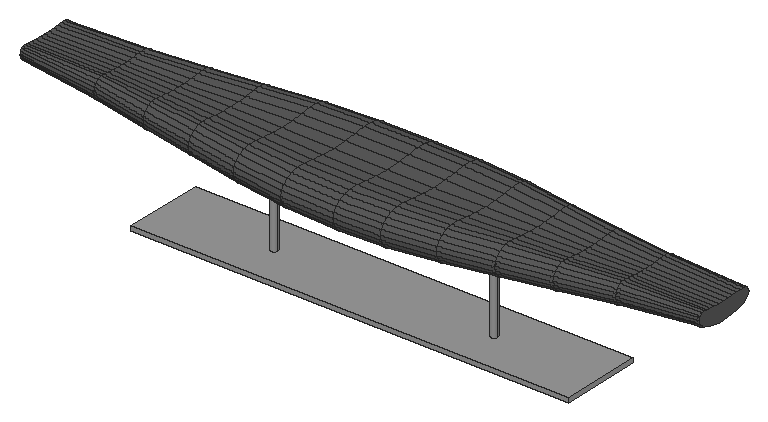
Revit family "Haworth_Inout_Bench", category Furniture, Revit 2018
Family settings
  OmniClass Number = 23.40.20.00
  OmniClass Title = General Furniture and Specialties
  Work Plane-Based = No
  Always vertical = Yes
  Cut with Voids When Loaded = No
  Shared = No
  Room Calculation Point = No
Parameters (values of type "HCCE-INBP")
  Warranty = "http://www.haworth.com/resources/product-info/warranties"
  Version = "4"  # constant formula
  URL - Product = "http://www.haworth.com/products/Seating/Benches/inout"
  URL = "http://www.haworth.com/our-brands/haworth-collection"
  Size = "Verify Final Dim. w/ Haworth"  # constant formula
  Model = "HCCE-INBP"
  Manufacturer = "Haworth"  # constant formula
  Description = "Haworth Inout Bench"
  Bench Finish [instance] = Haworth _ Paint _ Collection Black
  Base Finish = Haworth _ Metal _ Stainless Steel
  Author = "SHAPE Environments, LLC"  # constant formula
  Assembly Code = "E2020200"
  Actual Width = 6' - 10 1/4"  # constant formula
  Actual Height = 1' - 2 1/2"  # constant formula
  Actual Depth = 1' - 4 1/2"  # constant formula
Reference planes (in)
  plane 1 "Center Front/Back": y = 0
  plane 2: z = 0
  plane 3 "Center Left/Right": x = 0
  plane 4 "Top of Bench": z = 14.5
  plane 5 "1": x = -41.60152
  plane 6: x = 0
  plane 7: x = 0
  plane 8: x = 41.60161
  plane 9: y = 8.34237
  plane 10: y = -8.34092
Forms (in)
  Extrusion 1, solid, material "Haworth _ Metal _ Stainless Steel" <- "Base Finish"
    sketch origin (0, 0, 0) x (1, 0, 0) y (0, 1, 0)
      loop
        line (-27.02761, 4.93401) -> (-27.02761, -4.98563) -> (26.53839, -4.98563) -> (26.53839, 4.93401) -> (-27.02761, 4.93401)
    from 0 to 0.5
  Extrusion 2, solid, material "Haworth _ Metal _ Stainless Steel" <- "Base Finish"
    sketch origin (0, 0, 0) x (1, 0, 0) y (0, 1, 0)
      loop
        circle (-13.47641, 0) r 0.38895
      loop
        circle (13.47641, 0) r 0.38895
    from 0.5 to 10.11088
  Blend 3, solid, material "Haworth _ Paint _ Collection Black" <- "Bench Finish"
    base sketch origin (-41.60152, 0, 0) x (0, 1, 0) y (0, 0, 1)
      loop
        line (2.96693, 14.40058) -> (2.54642, 14.36295) -> (2.01689, 14.31444) -> (1.37179, 14.26698) -> (0.67784, 14.24015) -> (0, 14.231) -> (-0.67784, 14.24015) -> (-1.37179, 14.26698) -> (-2.01689, 14.31444) -> (-2.54642, 14.36295) -> (-2.96693, 14.40058) -> (-3.29067, 14.34805) -> (-3.52574, 14.19024) -> (-3.67288, 13.96023) -> (-3.72515, 13.68203) -> (-3.67146, 13.38083) -> (-3.51504, 13.09465) -> (-3.25718, 12.85811) -> (-2.91099, 12.66587) -> (-1.96766, 12.38015) -> (-0.64177, 12.15362) -> (0, 12.13081) -> (0.64177, 12.15362) -> (1.96766, 12.38015) -> (2.91099, 12.66587) -> (3.25718, 12.85811) -> (3.51504, 13.09465) -> (3.67146, 13.38083) -> (3.72515, 13.68203) -> (3.67288, 13.96023) -> (3.52574, 14.19024) -> (3.29067, 14.34805) -> (2.96693, 14.40058)
    top sketch origin (-31.95838, 0, 0) x (0, 1, 0) y (0, 0, 1)
      loop
        line (2.88354, 14.50663) -> (2.27999, 14.45312) -> (1.54904, 14.38348) -> (0.72452, 14.32863) -> (0, 14.32027) -> (-0.72452, 14.32863) -> (-1.54904, 14.38348) -> (-2.27999, 14.45312) -> (-2.88354, 14.50663) -> (-3.39102, 14.53282) -> (-3.83375, 14.36104) -> (-4.17907, 14.04271) -> (-4.39432, 13.67494) -> (-4.46942, 13.26854) -> (-4.39432, 12.83428) -> (-4.17907, 12.43097) -> (-3.83376, 12.11741) -> (-3.39124, 11.87463) -> (-2.28187, 11.52625) -> (-0.76835, 11.2419) -> (0, 11.18828) -> (0.76835, 11.2419) -> (2.28187, 11.52625) -> (3.39124, 11.87463) -> (3.83376, 12.11741) -> (4.17907, 12.43097) -> (4.39432, 12.83428) -> (4.46942, 13.26854) -> (4.39432, 13.67494) -> (4.17907, 14.04271) -> (3.83375, 14.36104) -> (3.39102, 14.53282) -> (2.88354, 14.50663)
    from 0 to 0
  Blend 4, solid, material "Haworth _ Paint _ Collection Black" <- "Bench Finish"
    base sketch origin (-31.95838, 0, 0) x (0, 1, 0) y (0, 0, 1)
      loop
        line (3.39102, 14.53282) -> (2.88354, 14.50663) -> (2.27999, 14.45312) -> (1.54904, 14.38348) -> (0.72452, 14.32863) -> (0, 14.32027) -> (-0.72452, 14.32863) -> (-1.54904, 14.38348) -> (-2.27999, 14.45312) -> (-2.88354, 14.50663) -> (-3.39102, 14.53282) -> (-3.83375, 14.36104) -> (-4.17907, 14.04271) -> (-4.39432, 13.67494) -> (-4.46942, 13.26854) -> (-4.39432, 12.83428) -> (-4.17907, 12.43097) -> (-3.83376, 12.11741) -> (-3.39124, 11.87463) -> (-2.28187, 11.52625) -> (-0.76835, 11.2419) -> (0, 11.18828) -> (0.76835, 11.2419) -> (2.28187, 11.52625) -> (3.39124, 11.87463) -> (3.83376, 12.11741) -> (4.17907, 12.43097) -> (4.39432, 12.83428) -> (4.46942, 13.26854) -> (4.39432, 13.67494) -> (4.17907, 14.04271) -> (3.83375, 14.36104) -> (3.39102, 14.53282)
    top sketch origin (-25.09754, 0, 0) x (0, 1, 0) y (0, 0, 1)
      loop
        line (5.15622, 13.85108) -> (4.72278, 14.25992) -> (4.17028, 14.51326) -> (3.54289, 14.49653) -> (2.80009, 14.43935) -> (1.90136, 14.35328) -> (0.86271, 14.27757) -> (0, 14.26981) -> (-0.86271, 14.27757) -> (-1.90136, 14.35328) -> (-2.80009, 14.43935) -> (-3.54289, 14.49653) -> (-4.17028, 14.51326) -> (-4.72278, 14.25992) -> (-5.15622, 13.85108) -> (-5.42638, 13.42119) -> (-5.52064, 12.96336) -> (-5.42638, 12.47068) -> (-5.15622, 12.01458) -> (-4.72278, 11.66651) -> (-4.17068, 11.39912) -> (-2.80374, 11.01035) -> (-0.95646, 10.68611) -> (0, 10.61032) -> (0.95646, 10.68611) -> (2.80374, 11.01035) -> (4.17068, 11.39912) -> (4.72278, 11.66651) -> (5.15622, 12.01458) -> (5.42638, 12.47068) -> (5.52064, 12.96336) -> (5.42638, 13.42119) -> (5.15622, 13.85108)
    from 0 to 0
  Blend 5, solid, material "Haworth _ Paint _ Collection Black" <- "Bench Finish"
    base sketch origin (-25.09754, 0, 0) x (0, 1, 0) y (0, 0, 1)
      loop
        line (4.72278, 14.25992) -> (4.17028, 14.51326) -> (3.54289, 14.49653) -> (2.80009, 14.43935) -> (1.90136, 14.35328) -> (0.86271, 14.27757) -> (0, 14.26981) -> (-0.86271, 14.27757) -> (-1.90136, 14.35328) -> (-2.80009, 14.43935) -> (-3.54289, 14.49653) -> (-4.17028, 14.51326) -> (-4.72278, 14.25992) -> (-5.15622, 13.85108) -> (-5.42638, 13.42119) -> (-5.52064, 12.96336) -> (-5.42638, 12.47068) -> (-5.15622, 12.01458) -> (-4.72278, 11.66651) -> (-4.17068, 11.39912) -> (-2.80374, 11.01035) -> (-0.95646, 10.68611) -> (0, 10.61032) -> (0.95646, 10.68611) -> (2.80374, 11.01035) -> (4.17068, 11.39912) -> (4.72278, 11.66651) -> (5.15622, 12.01458) -> (5.42638, 12.47068) -> (5.52064, 12.96336) -> (5.42638, 13.42119) -> (5.15622, 13.85108) -> (4.72278, 14.25992)
    top sketch origin (-18.76915, 0, 0) x (0, 1, 0) y (0, 0, 1)
      loop
        line (6.51085, 12.78738) -> (6.40648, 13.29327) -> (6.10638, 13.76646) -> (5.62463, 14.20769) -> (5.0061, 14.51707) -> (4.29503, 14.60288) -> (3.43014, 14.54003) -> (2.34989, 14.40488) -> (1.16751, 14.32783) -> (0, 14.2998) -> (-1.16751, 14.32783) -> (-2.34989, 14.40488) -> (-3.43014, 14.54003) -> (-4.29503, 14.60288) -> (-5.0061, 14.51707) -> (-5.62463, 14.20769) -> (-6.10638, 13.76646) -> (-6.40648, 13.29327) -> (-6.51085, 12.78738) -> (-6.40575, 12.2486) -> (-6.10557, 11.74151) -> (-5.62383, 11.33944) -> (-5.00565, 11.0296) -> (-3.4324, 10.61625) -> (-1.18344, 10.31536) -> (0, 10.26031) -> (1.18344, 10.31536) -> (3.4324, 10.61625) -> (5.00565, 11.0296) -> (5.62383, 11.33944) -> (6.10557, 11.74151) -> (6.40575, 12.2486) -> (6.51085, 12.78738)
    from 0 to 0
  Blend 6, solid, material "Haworth _ Paint _ Collection Black" <- "Bench Finish"
    base sketch origin (-18.76915, 0, 0) x (0, 1, 0) y (0, 0, 1)
      loop
        line (-6.10638, 13.76646) -> (-6.40648, 13.29327) -> (-6.51085, 12.78738) -> (-6.40575, 12.2486) -> (-6.10557, 11.74151) -> (-5.62383, 11.33944) -> (-5.00565, 11.0296) -> (-3.4324, 10.61625) -> (-1.18344, 10.31536) -> (0, 10.26031) -> (1.18344, 10.31536) -> (3.4324, 10.61625) -> (5.00565, 11.0296) -> (5.62383, 11.33944) -> (6.10557, 11.74151) -> (6.40575, 12.2486) -> (6.51085, 12.78738) -> (6.40648, 13.29327) -> (6.10638, 13.76646) -> (5.62463, 14.20769) -> (5.0061, 14.51707) -> (4.29503, 14.60288) -> (3.43014, 14.54003) -> (2.34989, 14.40488) -> (1.16751, 14.32783) -> (0, 14.2998) -> (-1.16751, 14.32783) -> (-2.34989, 14.40488) -> (-3.43014, 14.54003) -> (-4.29503, 14.60288) -> (-5.0061, 14.51707) -> (-5.62463, 14.20769) -> (-6.10638, 13.76646)
    top sketch origin (-12.44042, 0, 0) x (0, 1, 0) y (0, 0, 1)
      loop
        line (7.42956, 13.19016) -> (7.10732, 13.67753) -> (6.59015, 14.13795) -> (5.92079, 14.49227) -> (5.14231, 14.63802) -> (4.16936, 14.6186) -> (2.91749, 14.47255) -> (1.52575, 14.3456) -> (0, 14.26052) -> (-1.52575, 14.3456) -> (-2.91749, 14.47255) -> (-4.16936, 14.6186) -> (-5.14231, 14.63802) -> (-5.92079, 14.49227) -> (-6.59015, 14.13795) -> (-7.10732, 13.67753) -> (-7.42956, 13.19016) -> (-7.54187, 12.66369) -> (-7.42937, 12.09429) -> (-7.10698, 11.54917) -> (-6.58977, 11.09433) -> (-5.9206, 10.75077) -> (-4.16997, 10.40157) -> (-1.52672, 10.07965) -> (0, 9.97603) -> (1.52672, 10.07965) -> (4.16997, 10.40157) -> (5.9206, 10.75077) -> (6.58977, 11.09433) -> (7.10698, 11.54917) -> (7.42937, 12.09429) -> (7.54187, 12.66369) -> (7.42956, 13.19016)
    from 0 to 0
  Blend 7, solid, material "Haworth _ Paint _ Collection Black" <- "Bench Finish"
    base sketch origin (-12.44042, 0, 0) x (0, 1, 0) y (0, 0, 1)
      loop
        line (-6.59015, 14.13795) -> (-7.10732, 13.67753) -> (-7.42956, 13.19016) -> (-7.54187, 12.66369) -> (-7.42937, 12.09429) -> (-7.10698, 11.54917) -> (-6.58977, 11.09433) -> (-5.9206, 10.75077) -> (-4.16997, 10.40157) -> (-1.52672, 10.07965) -> (0, 9.97603) -> (1.52672, 10.07965) -> (4.16997, 10.40157) -> (5.9206, 10.75077) -> (6.58977, 11.09433) -> (7.10698, 11.54917) -> (7.42937, 12.09429) -> (7.54187, 12.66369) -> (7.42956, 13.19016) -> (7.10732, 13.67753) -> (6.59015, 14.13795) -> (5.92079, 14.49227) -> (5.14231, 14.63802) -> (4.16936, 14.6186) -> (2.91749, 14.47255) -> (1.52575, 14.3456) -> (0, 14.26052) -> (-1.52575, 14.3456) -> (-2.91749, 14.47255) -> (-4.16936, 14.6186) -> (-5.14231, 14.63802) -> (-5.92079, 14.49227) -> (-6.59015, 14.13795)
    top sketch origin (-6.11169, 0, 0) x (0, 1, 0) y (0, 0, 1)
      loop
        line (-5.64219, 14.56096) -> (-6.46721, 14.38357) -> (-7.17376, 14.03574) -> (-7.71848, 13.58873) -> (-8.05801, 13.08685) -> (-8.17647, 12.52454) -> (-8.05801, 11.90138) -> (-7.71848, 11.29775) -> (-7.17376, 10.79206) -> (-6.46721, 10.41048) -> (-4.60361, 10.02169) -> (-1.73818, 9.70781) -> (0, 9.59864) -> (1.73818, 9.70781) -> (4.60361, 10.02169) -> (6.46721, 10.41048) -> (7.17376, 10.79206) -> (7.71848, 11.29775) -> (8.05801, 11.90138) -> (8.17647, 12.52454) -> (8.05801, 13.08685) -> (7.71848, 13.58873) -> (7.17376, 14.03574) -> (6.46721, 14.38357) -> (5.64219, 14.56096) -> (4.60392, 14.56383) -> (3.25372, 14.4097) -> (1.74009, 14.26309) -> (0, 14.15589) -> (-1.74009, 14.26309) -> (-3.25372, 14.4097) -> (-4.60392, 14.56383) -> (-5.64219, 14.56096)
    from 0 to 0
  Blend 8, solid, material "Haworth _ Paint _ Collection Black" <- "Bench Finish"
    base sketch origin (0.21704, 0, 0) x (0, 1, 0) y (0, 0, -1)
      loop
        line (4.69362, -14.5403) -> (5.75367, -14.52767) -> (6.59593, -14.33969) -> (7.31725, -14.00147) -> (7.87336, -13.56028) -> (8.21998, -13.05264) -> (8.34092, -12.47399) -> (8.21998, -11.82567) -> (7.87336, -11.19771) -> (7.31725, -10.67771) -> (6.59593, -10.28856) -> (4.69329, -9.88802) -> (1.76715, -9.57486) -> (0, -9.4651) -> (-1.76715, -9.57486) -> (-4.69329, -9.88802) -> (-6.59593, -10.28856) -> (-7.31725, -10.67771) -> (-7.87335, -11.19771) -> (-8.21998, -11.82567) -> (-8.34092, -12.47399) -> (-8.21998, -13.05264) -> (-7.87335, -13.56028) -> (-7.31725, -14.00148) -> (-6.59593, -14.33969) -> (-5.75367, -14.52767) -> (-4.69361, -14.5403) -> (-3.31489, -14.38732) -> (-1.76917, -14.23766) -> (0, -14.13107) -> (1.76917, -14.23766) -> (3.31489, -14.38732) -> (4.69362, -14.5403)
    top sketch origin (-6.11169, 0, 0) x (0, 1, 0) y (0, 0, -1)
      loop
        line (-5.64219, -14.56096) -> (-4.60392, -14.56383) -> (-3.25372, -14.4097) -> (-1.74009, -14.26309) -> (0, -14.15589) -> (1.74009, -14.26309) -> (3.25372, -14.4097) -> (4.60392, -14.56383) -> (5.64219, -14.56096) -> (6.46721, -14.38357) -> (7.17376, -14.03574) -> (7.71848, -13.58873) -> (8.05801, -13.08685) -> (8.17647, -12.52454) -> (8.05801, -11.90138) -> (7.71848, -11.29775) -> (7.17376, -10.79206) -> (6.46721, -10.41048) -> (4.60361, -10.02169) -> (1.73818, -9.70781) -> (0, -9.59864) -> (-1.73818, -9.70781) -> (-4.60361, -10.02169) -> (-6.46721, -10.41048) -> (-7.17376, -10.79206) -> (-7.71848, -11.29775) -> (-8.05801, -11.90138) -> (-8.17647, -12.52454) -> (-8.05801, -13.08685) -> (-7.71848, -13.58873) -> (-7.17376, -14.03574) -> (-6.46721, -14.38357) -> (-5.64219, -14.56096)
    from -0.21704 to 0
  Blend 9, solid, material "Haworth _ Paint _ Collection Black" <- "Bench Finish"
    base sketch origin (41.60152, 0, 0) x (0, 1, 0) y (0, 0, -1)
      loop
        line (2.96693, -14.40058) -> (3.29067, -14.34805) -> (3.52574, -14.19024) -> (3.67288, -13.96023) -> (3.72515, -13.68203) -> (3.67146, -13.38083) -> (3.51504, -13.09465) -> (3.25718, -12.85811) -> (2.91099, -12.66587) -> (1.96766, -12.38015) -> (0.64177, -12.15362) -> (0, -12.13081) -> (-0.64177, -12.15362) -> (-1.96766, -12.38015) -> (-2.91099, -12.66587) -> (-3.25718, -12.85811) -> (-3.51504, -13.09465) -> (-3.67146, -13.38083) -> (-3.72515, -13.68203) -> (-3.67288, -13.96023) -> (-3.52574, -14.19024) -> (-3.29067, -14.34805) -> (-2.96693, -14.40058) -> (-2.54642, -14.36295) -> (-2.01689, -14.31444) -> (-1.37179, -14.26698) -> (-0.67784, -14.24015) -> (0, -14.231) -> (0.67784, -14.24015) -> (1.37179, -14.26698) -> (2.01689, -14.31444) -> (2.54642, -14.36295) -> (2.96693, -14.40058)
    top sketch origin (31.95838, 0, 0) x (0, 1, 0) y (0, 0, -1)
      loop
        line (2.88354, -14.50663) -> (3.39102, -14.53282) -> (3.83375, -14.36104) -> (4.17907, -14.04271) -> (4.39432, -13.67494) -> (4.46942, -13.26854) -> (4.39432, -12.83428) -> (4.17907, -12.43097) -> (3.83376, -12.11741) -> (3.39124, -11.87463) -> (2.28187, -11.52625) -> (0.76835, -11.2419) -> (0, -11.18828) -> (-0.76835, -11.2419) -> (-2.28187, -11.52625) -> (-3.39124, -11.87463) -> (-3.83376, -12.11741) -> (-4.17907, -12.43097) -> (-4.39432, -12.83428) -> (-4.46942, -13.26854) -> (-4.39432, -13.67494) -> (-4.17907, -14.04271) -> (-3.83375, -14.36104) -> (-3.39102, -14.53282) -> (-2.88354, -14.50663) -> (-2.27999, -14.45312) -> (-1.54904, -14.38348) -> (-0.72452, -14.32863) -> (0, -14.32027) -> (0.72452, -14.32863) -> (1.54904, -14.38348) -> (2.27999, -14.45312) -> (2.88354, -14.50663)
    from 0 to 0
  Blend 10, solid, material "Haworth _ Paint _ Collection Black" <- "Bench Finish"
    base sketch origin (31.95838, 0, 0) x (0, 1, 0) y (0, 0, -1)
      loop
        line (3.39102, -14.53282) -> (3.83375, -14.36104) -> (4.17907, -14.04271) -> (4.39432, -13.67494) -> (4.46942, -13.26854) -> (4.39432, -12.83428) -> (4.17907, -12.43097) -> (3.83376, -12.11741) -> (3.39124, -11.87463) -> (2.28187, -11.52625) -> (0.76835, -11.2419) -> (0, -11.18828) -> (-0.76835, -11.2419) -> (-2.28187, -11.52625) -> (-3.39124, -11.87463) -> (-3.83376, -12.11741) -> (-4.17907, -12.43097) -> (-4.39432, -12.83428) -> (-4.46942, -13.26854) -> (-4.39432, -13.67494) -> (-4.17907, -14.04271) -> (-3.83375, -14.36104) -> (-3.39102, -14.53282) -> (-2.88354, -14.50663) -> (-2.27999, -14.45312) -> (-1.54904, -14.38348) -> (-0.72452, -14.32863) -> (0, -14.32027) -> (0.72452, -14.32863) -> (1.54904, -14.38348) -> (2.27999, -14.45312) -> (2.88354, -14.50663) -> (3.39102, -14.53282)
    top sketch origin (25.09754, 0, 0) x (0, 1, 0) y (0, 0, -1)
      loop
        line (5.15622, -13.85108) -> (5.42638, -13.42119) -> (5.52064, -12.96336) -> (5.42638, -12.47068) -> (5.15622, -12.01458) -> (4.72278, -11.66651) -> (4.17068, -11.39912) -> (2.80374, -11.01035) -> (0.95646, -10.68611) -> (0, -10.61032) -> (-0.95646, -10.68611) -> (-2.80374, -11.01035) -> (-4.17068, -11.39912) -> (-4.72278, -11.66651) -> (-5.15622, -12.01458) -> (-5.42638, -12.47068) -> (-5.52064, -12.96336) -> (-5.42638, -13.42119) -> (-5.15622, -13.85108) -> (-4.72278, -14.25992) -> (-4.17028, -14.51326) -> (-3.54289, -14.49653) -> (-2.80009, -14.43935) -> (-1.90136, -14.35328) -> (-0.86271, -14.27757) -> (0, -14.26981) -> (0.86271, -14.27757) -> (1.90136, -14.35328) -> (2.80009, -14.43935) -> (3.54289, -14.49653) -> (4.17028, -14.51326) -> (4.72278, -14.25992) -> (5.15622, -13.85108)
    from 0 to 0
  Blend 11, solid, material "Haworth _ Paint _ Collection Black" <- "Bench Finish"
    base sketch origin (25.09754, 0, 0) x (0, 1, 0) y (0, 0, -1)
      loop
        line (4.72278, -14.25992) -> (5.15622, -13.85108) -> (5.42638, -13.42119) -> (5.52064, -12.96336) -> (5.42638, -12.47068) -> (5.15622, -12.01458) -> (4.72278, -11.66651) -> (4.17068, -11.39912) -> (2.80374, -11.01035) -> (0.95646, -10.68611) -> (0, -10.61032) -> (-0.95646, -10.68611) -> (-2.80374, -11.01035) -> (-4.17068, -11.39912) -> (-4.72278, -11.66651) -> (-5.15622, -12.01458) -> (-5.42638, -12.47068) -> (-5.52064, -12.96336) -> (-5.42638, -13.42119) -> (-5.15622, -13.85108) -> (-4.72278, -14.25992) -> (-4.17028, -14.51326) -> (-3.54289, -14.49653) -> (-2.80009, -14.43935) -> (-1.90136, -14.35328) -> (-0.86271, -14.27757) -> (0, -14.26981) -> (0.86271, -14.27757) -> (1.90136, -14.35328) -> (2.80009, -14.43935) -> (3.54289, -14.49653) -> (4.17028, -14.51326) -> (4.72278, -14.25992)
    top sketch origin (18.76915, 0, 0) x (0, 1, 0) y (0, 0, -1)
      loop
        line (6.51085, -12.78738) -> (6.40575, -12.2486) -> (6.10557, -11.74151) -> (5.62383, -11.33944) -> (5.00565, -11.0296) -> (3.4324, -10.61625) -> (1.18344, -10.31536) -> (0, -10.26031) -> (-1.18344, -10.31536) -> (-3.4324, -10.61625) -> (-5.00565, -11.0296) -> (-5.62383, -11.33944) -> (-6.10557, -11.74151) -> (-6.40575, -12.2486) -> (-6.51085, -12.78738) -> (-6.40648, -13.29327) -> (-6.10638, -13.76646) -> (-5.62463, -14.20769) -> (-5.0061, -14.51707) -> (-4.29503, -14.60288) -> (-3.43014, -14.54003) -> (-2.34989, -14.40488) -> (-1.16751, -14.32783) -> (0, -14.2998) -> (1.16751, -14.32783) -> (2.34989, -14.40488) -> (3.43014, -14.54003) -> (4.29503, -14.60288) -> (5.0061, -14.51707) -> (5.62463, -14.20769) -> (6.10638, -13.76646) -> (6.40648, -13.29327) -> (6.51085, -12.78738)
    from 0 to 0
  Blend 12, solid, material "Haworth _ Paint _ Collection Black" <- "Bench Finish"
    base sketch origin (18.76915, 0, 0) x (0, 1, 0) y (0, 0, -1)
      loop
        line (-6.10638, -13.76646) -> (-5.62463, -14.20769) -> (-5.0061, -14.51707) -> (-4.29503, -14.60288) -> (-3.43014, -14.54003) -> (-2.34989, -14.40488) -> (-1.16751, -14.32783) -> (0, -14.2998) -> (1.16751, -14.32783) -> (2.34989, -14.40488) -> (3.43014, -14.54003) -> (4.29503, -14.60288) -> (5.0061, -14.51707) -> (5.62463, -14.20769) -> (6.10638, -13.76646) -> (6.40648, -13.29327) -> (6.51085, -12.78738) -> (6.40575, -12.2486) -> (6.10557, -11.74151) -> (5.62383, -11.33944) -> (5.00565, -11.0296) -> (3.4324, -10.61625) -> (1.18344, -10.31536) -> (0, -10.26031) -> (-1.18344, -10.31536) -> (-3.4324, -10.61625) -> (-5.00565, -11.0296) -> (-5.62383, -11.33944) -> (-6.10557, -11.74151) -> (-6.40575, -12.2486) -> (-6.51085, -12.78738) -> (-6.40648, -13.29327) -> (-6.10638, -13.76646)
    top sketch origin (12.44042, 0, 0) x (0, 1, 0) y (0, 0, -1)
      loop
        line (7.42956, -13.19016) -> (7.54187, -12.66369) -> (7.42937, -12.09429) -> (7.10698, -11.54917) -> (6.58977, -11.09433) -> (5.9206, -10.75077) -> (4.16997, -10.40157) -> (1.52672, -10.07965) -> (0, -9.97603) -> (-1.52672, -10.07965) -> (-4.16997, -10.40157) -> (-5.9206, -10.75077) -> (-6.58977, -11.09433) -> (-7.10698, -11.54917) -> (-7.42937, -12.09429) -> (-7.54187, -12.66369) -> (-7.42956, -13.19016) -> (-7.10732, -13.67753) -> (-6.59015, -14.13795) -> (-5.92079, -14.49227) -> (-5.14231, -14.63802) -> (-4.16936, -14.6186) -> (-2.91749, -14.47255) -> (-1.52575, -14.3456) -> (0, -14.26052) -> (1.52575, -14.3456) -> (2.91749, -14.47255) -> (4.16936, -14.6186) -> (5.14231, -14.63802) -> (5.92079, -14.49227) -> (6.59015, -14.13795) -> (7.10732, -13.67753) -> (7.42956, -13.19016)
    from 0 to 0
  Blend 13, solid, material "Haworth _ Paint _ Collection Black" <- "Bench Finish"
    base sketch origin (12.44042, 0, 0) x (0, 1, 0) y (0, 0, -1)
      loop
        line (-6.59015, -14.13795) -> (-5.92079, -14.49227) -> (-5.14231, -14.63802) -> (-4.16936, -14.6186) -> (-2.91749, -14.47255) -> (-1.52575, -14.3456) -> (0, -14.26052) -> (1.52575, -14.3456) -> (2.91749, -14.47255) -> (4.16936, -14.6186) -> (5.14231, -14.63802) -> (5.92079, -14.49227) -> (6.59015, -14.13795) -> (7.10732, -13.67753) -> (7.42956, -13.19016) -> (7.54187, -12.66369) -> (7.42937, -12.09429) -> (7.10698, -11.54917) -> (6.58977, -11.09433) -> (5.9206, -10.75077) -> (4.16997, -10.40157) -> (1.52672, -10.07965) -> (0, -9.97603) -> (-1.52672, -10.07965) -> (-4.16997, -10.40157) -> (-5.9206, -10.75077) -> (-6.58977, -11.09433) -> (-7.10698, -11.54917) -> (-7.42937, -12.09429) -> (-7.54187, -12.66369) -> (-7.42956, -13.19016) -> (-7.10732, -13.67753) -> (-6.59015, -14.13795)
    top sketch origin (6.11169, 0, 0) x (0, 1, 0) y (0, 0, -1)
      loop
        line (-5.64219, -14.56096) -> (-4.60392, -14.56383) -> (-3.25372, -14.4097) -> (-1.74009, -14.26309) -> (0, -14.15589) -> (1.74009, -14.26309) -> (3.25372, -14.4097) -> (4.60392, -14.56383) -> (5.64219, -14.56096) -> (6.46721, -14.38357) -> (7.17376, -14.03574) -> (7.71848, -13.58873) -> (8.05801, -13.08685) -> (8.17647, -12.52454) -> (8.05801, -11.90138) -> (7.71848, -11.29775) -> (7.17376, -10.79206) -> (6.46721, -10.41048) -> (4.60361, -10.02169) -> (1.73818, -9.70781) -> (0, -9.59864) -> (-1.73818, -9.70781) -> (-4.60361, -10.02169) -> (-6.46721, -10.41048) -> (-7.17376, -10.79206) -> (-7.71848, -11.29775) -> (-8.05801, -11.90138) -> (-8.17647, -12.52454) -> (-8.05801, -13.08685) -> (-7.71848, -13.58873) -> (-7.17376, -14.03574) -> (-6.46721, -14.38357) -> (-5.64219, -14.56096)
    from 0 to 0
  Blend 14, solid, material "Haworth _ Paint _ Collection Black" <- "Bench Finish"
    base sketch origin (-0.21704, 0, 0) x (0, 1, 0) y (0, 0, 1)
      loop
        line (4.69362, 14.5403) -> (3.31489, 14.38732) -> (1.76917, 14.23766) -> (0, 14.13107) -> (-1.76917, 14.23766) -> (-3.31489, 14.38732) -> (-4.69361, 14.5403) -> (-5.75367, 14.52767) -> (-6.59593, 14.33969) -> (-7.31725, 14.00148) -> (-7.87335, 13.56028) -> (-8.21998, 13.05264) -> (-8.34092, 12.47399) -> (-8.21998, 11.82567) -> (-7.87335, 11.19771) -> (-7.31725, 10.67771) -> (-6.59593, 10.28856) -> (-4.69329, 9.88802) -> (-1.76715, 9.57486) -> (0, 9.4651) -> (1.76715, 9.57486) -> (4.69329, 9.88802) -> (6.59593, 10.28856) -> (7.31725, 10.67771) -> (7.87336, 11.19771) -> (8.21998, 11.82567) -> (8.34092, 12.47399) -> (8.21998, 13.05264) -> (7.87336, 13.56028) -> (7.31725, 14.00147) -> (6.59593, 14.33969) -> (5.75367, 14.52767) -> (4.69362, 14.5403)
    top sketch origin (6.11169, 0, 0) x (0, 1, 0) y (0, 0, 1)
      loop
        line (-5.64219, 14.56096) -> (-6.46721, 14.38357) -> (-7.17376, 14.03574) -> (-7.71848, 13.58873) -> (-8.05801, 13.08685) -> (-8.17647, 12.52454) -> (-8.05801, 11.90138) -> (-7.71848, 11.29775) -> (-7.17376, 10.79206) -> (-6.46721, 10.41048) -> (-4.60361, 10.02169) -> (-1.73818, 9.70781) -> (0, 9.59864) -> (1.73818, 9.70781) -> (4.60361, 10.02169) -> (6.46721, 10.41048) -> (7.17376, 10.79206) -> (7.71848, 11.29775) -> (8.05801, 11.90138) -> (8.17647, 12.52454) -> (8.05801, 13.08685) -> (7.71848, 13.58873) -> (7.17376, 14.03574) -> (6.46721, 14.38357) -> (5.64219, 14.56096) -> (4.60392, 14.56383) -> (3.25372, 14.4097) -> (1.74009, 14.26309) -> (0, 14.15589) -> (-1.74009, 14.26309) -> (-3.25372, 14.4097) -> (-4.60392, 14.56383) -> (-5.64219, 14.56096)
    from 0.65112 to 0
Cuts and joins
  joined: Blend 3, Blend 4, Blend 5, Blend 6, Blend 7, Blend 8, Blend 9, Blend 10, Blend 11, Blend 12, Blend 13, Blend 14
Lines and regions (in)
  Masking region 1
    outline origin (0, 0, 14.5) x (-1, 0, 0) y (0, -1, 0)
      loop
        line (41.60152, -3.83496) -> (41.60152, 3.83352)
        arc (41.60152, 3.83352) -> (29.8846, 5.0136) -> (18.23852, 6.75935) r 243.25869
        arc (18.23852, 6.75935) -> (0, 8.34092) -> (-18.23852, 6.75935) r 105.95276
        arc (-18.23852, 6.75935) -> (-29.8846, 5.0136) -> (-41.60152, 3.83352) r 243.25869
        line (-41.60152, 3.83352) -> (-41.60152, -3.83496)
        arc (-41.60152, -3.83496) -> (-29.8846, -5.01504) -> (-18.23852, -6.76079) r 243.25869
        arc (-18.23852, -6.76079) -> (0, -8.34237) -> (18.23852, -6.76079) r 105.95276
        arc (18.23852, -6.76079) -> (29.8846, -5.01504) -> (41.60152, -3.83496) r 243.25869
Dimensions and locks (in)
  "Actual Height": plane 4 "Top of Bench" to plane 2
  aligned and locked: level to plane 2
  aligned and locked: Extrusion 2 to Extrusion 1
Automatic sketch dimensions
  plane 1 "Center Front/Back" to Extrusion 1 sketch curve = 0' - 4.98563"
  plane 3 "Center Left/Right" to Extrusion 1 sketch curve = 2' - 2.53839"
  Extrusion 1 sketch curve to plane 1 "Center Front/Back" = 0' - 4.93401"
  plane 1 "Center Front/Back" to Extrusion 2 sketch curve = 0' - 0"  (x2)
  plane 3 "Center Left/Right" to Extrusion 2 sketch curve = 1' - 1.47641"
  Blend 3 sketch curve to plane 1 "Center Front/Back" = 0' - 0"  (x4)
  Blend 3 sketch curve to plane 4 "Top of Bench" = 0' - 2.36919"
  plane 1 "Center Front/Back" to Blend 3 sketch curve = 0' - 0.64177"
  Blend 3 sketch curve to plane 4 "Top of Bench" = 0' - 0.25985"  (x2)
  plane 1 "Center Front/Back" to Blend 3 sketch curve = 0' - 0.67784"
  Blend 3 sketch curve to plane 4 "Top of Bench" = 0' - 0.23302"  (x2)
  Blend 3 sketch curve to Blend 3 sketch curve = 0' - 0.69395"  (x2)
  Blend 3 sketch curve to Blend 3 sketch curve = 0' - 1.3259"  (x2)
  Blend 3 sketch curve to plane 4 "Top of Bench" = 0' - 0.18556"  (x2)
  Blend 3 sketch curve to Blend 3 sketch curve = 0' - 0.6451"  (x2)
  Blend 3 sketch curve to plane 4 "Top of Bench" = 0' - 0.13705"  (x2)
  Blend 3 sketch curve to Blend 3 sketch curve = 0' - 0.52953"  (x2)
  Blend 3 sketch curve to Blend 3 sketch curve = 0' - 0.94332"  (x2)
  Blend 3 sketch curve to plane 4 "Top of Bench" = 0' - 0.09942"  (x2)
  Blend 3 sketch curve to Blend 3 sketch curve = 0' - 0.42052"  (x2)
  Blend 3 sketch curve to Blend 3 sketch curve = 0' - 0.34619"  (x2)
  Blend 3 sketch curve to plane 4 "Top of Bench" = 0' - 0.15195"  (x2)
  Blend 3 sketch curve to Blend 3 sketch curve = 0' - 0.32374"  (x2)
  Blend 3 sketch curve to plane 4 "Top of Bench" = 0' - 1.40535"  (x2)
  Blend 3 sketch curve to Blend 3 sketch curve = 0' - 0.25786"  (x2)
  Blend 3 sketch curve to plane 4 "Top of Bench" = 0' - 0.30976"  (x2)
  Blend 3 sketch curve to Blend 3 sketch curve = 0' - 0.23506"  (x2)
  Blend 3 sketch curve to plane 4 "Top of Bench" = 0' - 1.11917"  (x2)
  Blend 3 sketch curve to Blend 3 sketch curve = 0' - 0.15642"  (x2)
  Blend 3 sketch curve to plane 4 "Top of Bench" = 0' - 0.53977"  (x2)
  Blend 3 sketch curve to Blend 3 sketch curve = 0' - 0.14714"  (x2)
  Blend 3 sketch curve to plane 4 "Top of Bench" = 0' - 0.81797"  (x2)
  Blend 3 sketch curve to Blend 3 sketch curve = 0' - 0.05227"  (x2)
  Blend 3 sketch curve to plane 1 "Center Front/Back" = 0' - 0.64177"
  Blend 3 sketch curve to plane 1 "Center Front/Back" = 0' - 0.67784"
  Blend 3 sketch curve to Blend 3 sketch curve = 0' - 0.02281"  (x2)
  Blend 3 sketch curve to Blend 3 sketch curve = 0' - 0.22653"  (x2)
  Blend 3 sketch curve to Blend 3 sketch curve = 0' - 0.42879"  (x2)
  Blend 3 sketch curve to Blend 3 sketch curve = 0' - 0.23655"  (x2)
  Blend 3 sketch curve to plane 4 "Top of Bench" = 0' - 0.269"
  Blend 3 sketch curve to plane 4 "Top of Bench" = 0' - 3.31172"
  Blend 3 sketch curve to plane 4 "Top of Bench" = 0' - 0.17137"  (x2)
  plane 1 "Center Front/Back" to Blend 3 sketch curve = 0' - 0.72452"
  plane 1 "Center Front/Back" to Blend 3 sketch curve = 0' - 0.76835"
  Blend 3 sketch curve to plane 4 "Top of Bench" = 0' - 0.11652"  (x2)
  Blend 3 sketch curve to Blend 3 sketch curve = 0' - 0.82452"  (x2)
  Blend 3 sketch curve to plane 4 "Top of Bench" = 0' - 0 3/64"  (x2)
  Blend 3 sketch curve to Blend 3 sketch curve = 0' - 0.73095"  (x2)
  Blend 3 sketch curve to Blend 3 sketch curve = 0' - 1.51352"  (x2)
  plane 4 "Top of Bench" to Blend 3 sketch curve = 0' - 0.00663"  (x2)
  Blend 3 sketch curve to Blend 3 sketch curve = 0' - 0.60355"  (x2)
  plane 4 "Top of Bench" to Blend 3 sketch curve = 0' - 0.03282"  (x2)
  Blend 3 sketch curve to Blend 3 sketch curve = 0' - 0.50748"  (x2)
  Blend 3 sketch curve to Blend 3 sketch curve = 0' - 1 7/64"  (x2)
  Blend 3 sketch curve to plane 4 "Top of Bench" = 0' - 0.13896"  (x2)
  Blend 3 sketch curve to Blend 3 sketch curve = 0' - 0.44273"  (x2)
  Blend 3 sketch curve to Blend 3 sketch curve = 0' - 0.44252"  (x2)
  Blend 3 sketch curve to plane 4 "Top of Bench" = 0' - 0.45729"  (x2)
  Blend 3 sketch curve to Blend 3 sketch curve = 0' - 0.34532"  (x4)
  Blend 3 sketch curve to plane 4 "Top of Bench" = 0' - 2.06903"  (x2)
  Blend 3 sketch curve to plane 4 "Top of Bench" = 0' - 1.66572"  (x2)
  Blend 3 sketch curve to Blend 3 sketch curve = 0' - 0.21524"  (x4)
  Blend 3 sketch curve to plane 4 "Top of Bench" = 0' - 0.82506"  (x2)
  Blend 3 sketch curve to plane 4 "Top of Bench" = 0' - 1.23146"  (x2)
  Blend 3 sketch curve to Blend 3 sketch curve = 0' - 0.0751"  (x2)
  Blend 3 sketch curve to plane 1 "Center Front/Back" = 0' - 0.72452"
  Blend 3 sketch curve to plane 1 "Center Front/Back" = 0' - 0.76835"
  Blend 3 sketch curve to Blend 3 sketch curve = 0' - 0.05362"  (x2)
  Blend 3 sketch curve to Blend 3 sketch curve = 0' - 0.28434"
  Blend 3 sketch curve to Blend 3 sketch curve = 0' - 0.28435"
  Blend 3 sketch curve to Blend 3 sketch curve = 0' - 0.55634"  (x2)
  Blend 3 sketch curve to Blend 3 sketch curve = 0' - 0.31356"  (x2)
  Blend 3 sketch curve to plane 4 "Top of Bench" = 0' - 0.17973"
  Blend 4 sketch curve to plane 1 "Center Front/Back" = 0' - 0"  (x4)
  Blend 4 sketch curve to plane 4 "Top of Bench" = 0' - 3.31172"
  Blend 4 sketch curve to plane 4 "Top of Bench" = 0' - 0.17137"  (x2)
  plane 1 "Center Front/Back" to Blend 4 sketch curve = 0' - 0.72452"
  plane 1 "Center Front/Back" to Blend 4 sketch curve = 0' - 0.76835"
  Blend 4 sketch curve to plane 4 "Top of Bench" = 0' - 0.11652"  (x2)
  Blend 4 sketch curve to Blend 4 sketch curve = 0' - 0.82452"  (x2)
  Blend 4 sketch curve to plane 4 "Top of Bench" = 0' - 0 3/64"  (x2)
  Blend 4 sketch curve to Blend 4 sketch curve = 0' - 0.73095"  (x2)
  Blend 4 sketch curve to Blend 4 sketch curve = 0' - 1.51352"  (x2)
  plane 4 "Top of Bench" to Blend 4 sketch curve = 0' - 0.00663"  (x2)
  Blend 4 sketch curve to Blend 4 sketch curve = 0' - 0.60355"  (x2)
  plane 4 "Top of Bench" to Blend 4 sketch curve = 0' - 0.03282"  (x2)
  Blend 4 sketch curve to Blend 4 sketch curve = 0' - 0.50748"  (x2)
  Blend 4 sketch curve to Blend 4 sketch curve = 0' - 1 7/64"  (x2)
  Blend 4 sketch curve to plane 4 "Top of Bench" = 0' - 0.13896"  (x2)
  Blend 4 sketch curve to Blend 4 sketch curve = 0' - 0.44273"  (x2)
  Blend 4 sketch curve to Blend 4 sketch curve = 0' - 0.44252"  (x2)
  Blend 4 sketch curve to plane 4 "Top of Bench" = 0' - 0.45729"  (x2)
  Blend 4 sketch curve to Blend 4 sketch curve = 0' - 0.34532"  (x4)
  Blend 4 sketch curve to plane 4 "Top of Bench" = 0' - 2.06903"  (x2)
  Blend 4 sketch curve to plane 4 "Top of Bench" = 0' - 0.82506"  (x2)
  Blend 4 sketch curve to Blend 4 sketch curve = 0' - 0.21524"  (x4)
  Blend 4 sketch curve to plane 4 "Top of Bench" = 0' - 1.66572"  (x2)
  Blend 4 sketch curve to plane 4 "Top of Bench" = 0' - 1.23146"  (x2)
  Blend 4 sketch curve to Blend 4 sketch curve = 0' - 0.0751"  (x2)
  Blend 4 sketch curve to plane 1 "Center Front/Back" = 0' - 0.72452"
  Blend 4 sketch curve to plane 1 "Center Front/Back" = 0' - 0.76835"
  Blend 4 sketch curve to Blend 4 sketch curve = 0' - 0.05362"  (x2)
  Blend 4 sketch curve to Blend 4 sketch curve = 0' - 0.28434"
  Blend 4 sketch curve to Blend 4 sketch curve = 0' - 0.28435"
  Blend 4 sketch curve to Blend 4 sketch curve = 0' - 0.55634"  (x2)
  Blend 4 sketch curve to Blend 4 sketch curve = 0' - 0.31356"  (x2)
  Blend 4 sketch curve to plane 4 "Top of Bench" = 0' - 0.17973"
  Blend 4 sketch curve to plane 4 "Top of Bench" = 0' - 3.88968"
  Blend 4 sketch curve to plane 4 "Top of Bench" = 0' - 0.22243"  (x2)
  plane 1 "Center Front/Back" to Blend 4 sketch curve = 0' - 0.86271"
  plane 1 "Center Front/Back" to Blend 4 sketch curve = 0' - 0.95646"
  Blend 4 sketch curve to plane 4 "Top of Bench" = 0' - 0.14672"  (x2)
  Blend 4 sketch curve to Blend 4 sketch curve = 0' - 1.03865"  (x2)
  Blend 4 sketch curve to plane 4 "Top of Bench" = 0' - 0.06065"  (x2)
  Blend 4 sketch curve to Blend 4 sketch curve = 0' - 0.89874"  (x2)
  Blend 4 sketch curve to Blend 4 sketch curve = 0' - 1.84728"  (x2)
  Blend 4 sketch curve to plane 4 "Top of Bench" = 0' - 0.00347"  (x2)
  Blend 4 sketch curve to Blend 4 sketch curve = 0' - 0.7428"  (x2)
  plane 4 "Top of Bench" to Blend 4 sketch curve = 0' - 0.01326"  (x2)
  Blend 4 sketch curve to Blend 4 sketch curve = 0' - 0.62739"  (x2)
  Blend 4 sketch curve to Blend 4 sketch curve = 0' - 1.36694"  (x2)
  Blend 4 sketch curve to Blend 4 sketch curve = 0' - 0.55211"  (x2)
  Blend 4 sketch curve to plane 4 "Top of Bench" = 0' - 0.24008"  (x2)
  Blend 4 sketch curve to Blend 4 sketch curve = 0' - 0.55251"  (x2)
  Blend 4 sketch curve to plane 4 "Top of Bench" = 0' - 0.64892"  (x2)
  Blend 4 sketch curve to Blend 4 sketch curve = 0' - 0.43343"  (x4)
  Blend 4 sketch curve to plane 4 "Top of Bench" = 0' - 2.48542"  (x2)
  Blend 4 sketch curve to plane 4 "Top of Bench" = 0' - 1.07881"  (x2)
  Blend 4 sketch curve to Blend 4 sketch curve = 0' - 0.27016"  (x4)
  Blend 4 sketch curve to plane 4 "Top of Bench" = 0' - 2.02932"  (x2)
  Blend 4 sketch curve to plane 4 "Top of Bench" = 0' - 1.53664"  (x2)
  Blend 4 sketch curve to Blend 4 sketch curve = 0' - 0.09426"  (x2)
  Blend 4 sketch curve to plane 1 "Center Front/Back" = 0' - 0.86271"
  Blend 4 sketch curve to plane 1 "Center Front/Back" = 0' - 0.95646"
  Blend 4 sketch curve to Blend 4 sketch curve = 0' - 0.07579"  (x2)
  Blend 4 sketch curve to Blend 4 sketch curve = 0' - 0.32424"  (x2)
  Blend 4 sketch curve to Blend 4 sketch curve = 0' - 0.61545"  (x2)
  Blend 4 sketch curve to Blend 4 sketch curve = 0' - 0.34807"  (x2)
  Blend 4 sketch curve to plane 4 "Top of Bench" = 0' - 0.23019"
  Blend 5 sketch curve to plane 1 "Center Front/Back" = 0' - 0"  (x4)
  Blend 5 sketch curve to plane 4 "Top of Bench" = 0' - 3.88968"
  Blend 5 sketch curve to plane 4 "Top of Bench" = 0' - 0.22243"  (x2)
  plane 1 "Center Front/Back" to Blend 5 sketch curve = 0' - 0.86271"
  plane 1 "Center Front/Back" to Blend 5 sketch curve = 0' - 0.95646"
  Blend 5 sketch curve to plane 4 "Top of Bench" = 0' - 0.14672"  (x2)
  Blend 5 sketch curve to Blend 5 sketch curve = 0' - 1.03865"  (x2)
  Blend 5 sketch curve to plane 4 "Top of Bench" = 0' - 0.06065"  (x2)
  Blend 5 sketch curve to Blend 5 sketch curve = 0' - 0.89874"  (x2)
  Blend 5 sketch curve to Blend 5 sketch curve = 0' - 1.84728"  (x2)
  Blend 5 sketch curve to plane 4 "Top of Bench" = 0' - 0.00347"  (x2)
  Blend 5 sketch curve to Blend 5 sketch curve = 0' - 0.7428"  (x2)
  plane 4 "Top of Bench" to Blend 5 sketch curve = 0' - 0.01326"  (x2)
  Blend 5 sketch curve to Blend 5 sketch curve = 0' - 0.62739"  (x2)
  Blend 5 sketch curve to Blend 5 sketch curve = 0' - 1.36694"  (x2)
  Blend 5 sketch curve to plane 4 "Top of Bench" = 0' - 0.24008"  (x2)
  Blend 5 sketch curve to Blend 5 sketch curve = 0' - 0.55251"  (x2)
  Blend 5 sketch curve to Blend 5 sketch curve = 0' - 0.55211"  (x2)
  Blend 5 sketch curve to plane 4 "Top of Bench" = 0' - 0.64892"  (x2)
  Blend 5 sketch curve to Blend 5 sketch curve = 0' - 0.43343"  (x4)
  Blend 5 sketch curve to plane 4 "Top of Bench" = 0' - 2.48542"  (x2)
  Blend 5 sketch curve to plane 4 "Top of Bench" = 0' - 2.02932"  (x2)
  Blend 5 sketch curve to Blend 5 sketch curve = 0' - 0.27016"  (x4)
  Blend 5 sketch curve to plane 4 "Top of Bench" = 0' - 1.07881"  (x2)
  Blend 5 sketch curve to plane 4 "Top of Bench" = 0' - 1.53664"  (x2)
  Blend 5 sketch curve to Blend 5 sketch curve = 0' - 0.09426"  (x2)
  Blend 5 sketch curve to plane 1 "Center Front/Back" = 0' - 0.86271"
  Blend 5 sketch curve to plane 1 "Center Front/Back" = 0' - 0.95646"
  Blend 5 sketch curve to Blend 5 sketch curve = 0' - 0.07579"  (x2)
  Blend 5 sketch curve to Blend 5 sketch curve = 0' - 0.32424"  (x2)
  Blend 5 sketch curve to Blend 5 sketch curve = 0' - 0.61545"  (x2)
  Blend 5 sketch curve to Blend 5 sketch curve = 0' - 0.34807"  (x2)
  Blend 5 sketch curve to plane 4 "Top of Bench" = 0' - 0.23019"
  Blend 5 sketch curve to plane 4 "Top of Bench" = 0' - 4.23969"
  Blend 5 sketch curve to plane 4 "Top of Bench" = 0' - 0.17217"  (x2)
  plane 1 "Center Front/Back" to Blend 5 sketch curve = 0' - 1.16751"
  plane 1 "Center Front/Back" to Blend 5 sketch curve = 0' - 1.18344"
  Blend 5 sketch curve to plane 4 "Top of Bench" = 0' - 0.09512"  (x2)
  Blend 5 sketch curve to Blend 5 sketch curve = 0' - 1.18238"  (x2)
  plane 4 "Top of Bench" to Blend 5 sketch curve = 0' - 0.04003"  (x2)
  Blend 5 sketch curve to Blend 5 sketch curve = 0' - 1.08025"  (x2)
  Blend 5 sketch curve to Blend 5 sketch curve = 0' - 2.24896"  (x2)
  plane 4 "Top of Bench" to Blend 5 sketch curve = 0' - 0.10288"  (x2)
  Blend 5 sketch curve to Blend 5 sketch curve = 0' - 0.86489"  (x2)
  Blend 5 sketch curve to Blend 5 sketch curve = 0' - 1.57325"  (x2)
  plane 4 "Top of Bench" to Blend 5 sketch curve = 0' - 0.01707"  (x2)
  Blend 5 sketch curve to Blend 5 sketch curve = 0' - 0.71107"  (x2)
  Blend 5 sketch curve to Blend 5 sketch curve = 0' - 0.61818"  (x2)
  Blend 5 sketch curve to plane 4 "Top of Bench" = 0' - 0.29231"  (x2)
  Blend 5 sketch curve to Blend 5 sketch curve = 0' - 0.61853"  (x2)
  Blend 5 sketch curve to plane 4 "Top of Bench" = 0' - 2.75849"  (x2)
  Blend 5 sketch curve to Blend 5 sketch curve = 0' - 0.48174"  (x2)
  Blend 5 sketch curve to plane 4 "Top of Bench" = 0' - 0.73354"  (x2)
  Blend 5 sketch curve to Blend 5 sketch curve = 0' - 0.48175"  (x2)
  Blend 5 sketch curve to plane 4 "Top of Bench" = 0' - 2.2514"  (x2)
  Blend 5 sketch curve to Blend 5 sketch curve = 0' - 0.30019"  (x2)
  Blend 5 sketch curve to plane 4 "Top of Bench" = 0' - 1.20673"  (x2)
  Blend 5 sketch curve to Blend 5 sketch curve = 0' - 0.3001"  (x2)
  Blend 5 sketch curve to plane 4 "Top of Bench" = 0' - 1.71262"  (x2)
  Blend 5 sketch curve to Blend 5 sketch curve = 0' - 0.10437"  (x2)
  Blend 5 sketch curve to plane 1 "Center Front/Back" = 0' - 1.16751"
  Blend 5 sketch curve to plane 1 "Center Front/Back" = 0' - 1.18344"
  Blend 5 sketch curve to Blend 5 sketch curve = 0' - 0.05505"  (x2)
  Blend 5 sketch curve to Blend 5 sketch curve = 0' - 0.30089"  (x2)
  Blend 5 sketch curve to Blend 5 sketch curve = 0' - 0.71191"  (x2)
  Blend 5 sketch curve to Blend 5 sketch curve = 0' - 0.40208"  (x2)
  Blend 5 sketch curve to plane 4 "Top of Bench" = 0' - 0.2002"
  Blend 6 sketch curve to plane 1 "Center Front/Back" = 0' - 0"  (x4)
  Blend 6 sketch curve to plane 4 "Top of Bench" = 0' - 4.23969"
  Blend 6 sketch curve to plane 4 "Top of Bench" = 0' - 0.17217"  (x2)
  plane 1 "Center Front/Back" to Blend 6 sketch curve = 0' - 1.16751"
  plane 1 "Center Front/Back" to Blend 6 sketch curve = 0' - 1.18344"
  Blend 6 sketch curve to plane 4 "Top of Bench" = 0' - 0.09512"  (x2)
  Blend 6 sketch curve to Blend 6 sketch curve = 0' - 1.18238"  (x2)
  plane 4 "Top of Bench" to Blend 6 sketch curve = 0' - 0.04003"  (x2)
  Blend 6 sketch curve to Blend 6 sketch curve = 0' - 1.08025"  (x2)
  Blend 6 sketch curve to Blend 6 sketch curve = 0' - 2.24896"  (x2)
  plane 4 "Top of Bench" to Blend 6 sketch curve = 0' - 0.10288"  (x2)
  Blend 6 sketch curve to Blend 6 sketch curve = 0' - 0.86489"  (x2)
  Blend 6 sketch curve to Blend 6 sketch curve = 0' - 1.57325"  (x2)
  plane 4 "Top of Bench" to Blend 6 sketch curve = 0' - 0.01707"  (x2)
  Blend 6 sketch curve to Blend 6 sketch curve = 0' - 0.71107"  (x2)
  Blend 6 sketch curve to Blend 6 sketch curve = 0' - 0.61818"  (x2)
  Blend 6 sketch curve to plane 4 "Top of Bench" = 0' - 0.29231"  (x2)
  Blend 6 sketch curve to Blend 6 sketch curve = 0' - 0.61853"  (x2)
  Blend 6 sketch curve to plane 4 "Top of Bench" = 0' - 2.75849"  (x2)
  Blend 6 sketch curve to Blend 6 sketch curve = 0' - 0.48174"  (x2)
  Blend 6 sketch curve to plane 4 "Top of Bench" = 0' - 0.73354"  (x2)
  Blend 6 sketch curve to Blend 6 sketch curve = 0' - 0.48175"  (x2)
  Blend 6 sketch curve to plane 4 "Top of Bench" = 0' - 2.2514"  (x2)
  Blend 6 sketch curve to Blend 6 sketch curve = 0' - 0.30019"  (x2)
  Blend 6 sketch curve to plane 4 "Top of Bench" = 0' - 1.20673"  (x2)
  Blend 6 sketch curve to Blend 6 sketch curve = 0' - 0.3001"  (x2)
  Blend 6 sketch curve to plane 4 "Top of Bench" = 0' - 1.71262"  (x2)
  Blend 6 sketch curve to Blend 6 sketch curve = 0' - 0.10437"  (x2)
  Blend 6 sketch curve to plane 1 "Center Front/Back" = 0' - 1.16751"
  Blend 6 sketch curve to plane 1 "Center Front/Back" = 0' - 1.18344"
  Blend 6 sketch curve to Blend 6 sketch curve = 0' - 0.05505"  (x2)
  Blend 6 sketch curve to Blend 6 sketch curve = 0' - 0.30089"  (x2)
  Blend 6 sketch curve to Blend 6 sketch curve = 0' - 0.71191"  (x2)
  Blend 6 sketch curve to Blend 6 sketch curve = 0' - 0.40208"  (x2)
  Blend 6 sketch curve to plane 4 "Top of Bench" = 0' - 0.2002"
  Blend 6 sketch curve to plane 4 "Top of Bench" = 0' - 4.52397"
  Blend 6 sketch curve to plane 4 "Top of Bench" = 0' - 0.1544"  (x2)
  plane 1 "Center Front/Back" to Blend 6 sketch curve = 0' - 1.52575"
  plane 1 "Center Front/Back" to Blend 6 sketch curve = 0' - 1.52672"
  Blend 6 sketch curve to plane 4 "Top of Bench" = 0' - 0.02745"  (x2)
  Blend 6 sketch curve to Blend 6 sketch curve = 0' - 1.39174"  (x2)
  plane 4 "Top of Bench" to Blend 6 sketch curve = 0' - 0.1186"  (x2)
  Blend 6 sketch curve to Blend 6 sketch curve = 0' - 1.25187"  (x2)
  Blend 6 sketch curve to Blend 6 sketch curve = 0' - 2.64326"  (x2)
  plane 4 "Top of Bench" to Blend 6 sketch curve = 0' - 0.13802"  (x2)
  Blend 6 sketch curve to Blend 6 sketch curve = 0' - 0.97295"  (x2)
  Blend 6 sketch curve to Blend 6 sketch curve = 0' - 1.75062"  (x2)
  Blend 6 sketch curve to plane 4 "Top of Bench" = 0' - 0.00773"  (x2)
  Blend 6 sketch curve to Blend 6 sketch curve = 0' - 0.77848"  (x2)
  Blend 6 sketch curve to Blend 6 sketch curve = 0' - 0.66917"  (x2)
  Blend 6 sketch curve to plane 4 "Top of Bench" = 0' - 0.36205"  (x2)
  Blend 6 sketch curve to Blend 6 sketch curve = 0' - 0.66936"  (x2)
  Blend 6 sketch curve to plane 4 "Top of Bench" = 0' - 2.95083"  (x2)
  Blend 6 sketch curve to Blend 6 sketch curve = 0' - 0.51721"  (x2)
  Blend 6 sketch curve to plane 4 "Top of Bench" = 0' - 0.82247"  (x2)
  Blend 6 sketch curve to Blend 6 sketch curve = 0' - 0.51717"  (x2)
  Blend 6 sketch curve to plane 4 "Top of Bench" = 0' - 2.40571"  (x2)
  Blend 6 sketch curve to Blend 6 sketch curve = 0' - 0.32239"  (x2)
  Blend 6 sketch curve to plane 4 "Top of Bench" = 0' - 1.30984"  (x2)
  Blend 6 sketch curve to Blend 6 sketch curve = 0' - 0.32224"  (x2)
  Blend 6 sketch curve to plane 4 "Top of Bench" = 0' - 1.83631"  (x2)
  Blend 6 sketch curve to Blend 6 sketch curve = 0' - 0.11231"  (x2)
  Blend 6 sketch curve to plane 1 "Center Front/Back" = 0' - 1.52575"
  Blend 6 sketch curve to plane 1 "Center Front/Back" = 0' - 1.52672"
  Blend 6 sketch curve to Blend 6 sketch curve = 0' - 0.10362"  (x2)
  Blend 6 sketch curve to Blend 6 sketch curve = 0' - 0.32191"  (x2)
  Blend 6 sketch curve to Blend 6 sketch curve = 0' - 0.7984"  (x2)
  Blend 6 sketch curve to Blend 6 sketch curve = 0' - 0.45484"  (x2)
  Blend 6 sketch curve to plane 4 "Top of Bench" = 0' - 0.23948"
  Blend 7 sketch curve to plane 1 "Center Front/Back" = 0' - 0"  (x4)
  Blend 7 sketch curve to plane 4 "Top of Bench" = 0' - 4.52397"
  Blend 7 sketch curve to plane 4 "Top of Bench" = 0' - 0.1544"  (x2)
  plane 1 "Center Front/Back" to Blend 7 sketch curve = 0' - 1.52575"
  plane 1 "Center Front/Back" to Blend 7 sketch curve = 0' - 1.52672"
  Blend 7 sketch curve to plane 4 "Top of Bench" = 0' - 0.02745"  (x2)
  Blend 7 sketch curve to Blend 7 sketch curve = 0' - 1.39174"  (x2)
  plane 4 "Top of Bench" to Blend 7 sketch curve = 0' - 0.1186"  (x2)
  Blend 7 sketch curve to Blend 7 sketch curve = 0' - 1.25187"  (x2)
  Blend 7 sketch curve to Blend 7 sketch curve = 0' - 2.64326"  (x2)
  plane 4 "Top of Bench" to Blend 7 sketch curve = 0' - 0.13802"  (x2)
  Blend 7 sketch curve to Blend 7 sketch curve = 0' - 0.97295"  (x2)
  Blend 7 sketch curve to Blend 7 sketch curve = 0' - 1.75062"  (x2)
  Blend 7 sketch curve to plane 4 "Top of Bench" = 0' - 0.00773"  (x2)
  Blend 7 sketch curve to Blend 7 sketch curve = 0' - 0.77848"  (x2)
  Blend 7 sketch curve to Blend 7 sketch curve = 0' - 0.66917"  (x2)
  Blend 7 sketch curve to plane 4 "Top of Bench" = 0' - 0.36205"  (x2)
  Blend 7 sketch curve to Blend 7 sketch curve = 0' - 0.66936"  (x2)
  Blend 7 sketch curve to plane 4 "Top of Bench" = 0' - 2.95083"  (x2)
  Blend 7 sketch curve to Blend 7 sketch curve = 0' - 0.51721"  (x2)
  Blend 7 sketch curve to plane 4 "Top of Bench" = 0' - 0.82247"  (x2)
  Blend 7 sketch curve to Blend 7 sketch curve = 0' - 0.51717"  (x2)
  Blend 7 sketch curve to plane 4 "Top of Bench" = 0' - 2.40571"  (x2)
  Blend 7 sketch curve to Blend 7 sketch curve = 0' - 0.32239"  (x2)
  Blend 7 sketch curve to plane 4 "Top of Bench" = 0' - 1.30984"  (x2)
  Blend 7 sketch curve to Blend 7 sketch curve = 0' - 0.32224"  (x2)
  Blend 7 sketch curve to plane 4 "Top of Bench" = 0' - 1.83631"  (x2)
  Blend 7 sketch curve to Blend 7 sketch curve = 0' - 0.11231"  (x2)
  Blend 7 sketch curve to plane 1 "Center Front/Back" = 0' - 1.52575"
  Blend 7 sketch curve to plane 1 "Center Front/Back" = 0' - 1.52672"
  Blend 7 sketch curve to Blend 7 sketch curve = 0' - 0.10362"  (x2)
  Blend 7 sketch curve to Blend 7 sketch curve = 0' - 0.32191"  (x2)
  Blend 7 sketch curve to Blend 7 sketch curve = 0' - 0.7984"  (x2)
  Blend 7 sketch curve to Blend 7 sketch curve = 0' - 0.45484"  (x2)
  Blend 7 sketch curve to plane 4 "Top of Bench" = 0' - 0.23948"
  Blend 7 sketch curve to plane 4 "Top of Bench" = 0' - 4.90136"
  plane 1 "Center Front/Back" to Blend 7 sketch curve = 0' - 1.73818"
  Blend 7 sketch curve to plane 4 "Top of Bench" = 0' - 0.23691"  (x2)
  plane 1 "Center Front/Back" to Blend 7 sketch curve = 0' - 1.74009"
  Blend 7 sketch curve to plane 4 "Top of Bench" = 0' - 0.0903"  (x2)
  Blend 7 sketch curve to Blend 7 sketch curve = 0' - 1.51363"  (x2)
  Blend 7 sketch curve to Blend 7 sketch curve = 0' - 2.86543"  (x2)
  plane 4 "Top of Bench" to Blend 7 sketch curve = 0' - 0.06383"  (x2)
  Blend 7 sketch curve to Blend 7 sketch curve = 0' - 1.35021"  (x2)
  plane 4 "Top of Bench" to Blend 7 sketch curve = 0' - 0.06096"  (x2)
  Blend 7 sketch curve to Blend 7 sketch curve = 0' - 1.03827"  (x2)
  Blend 7 sketch curve to Blend 7 sketch curve = 0' - 1.8636"  (x2)
  Blend 7 sketch curve to plane 4 "Top of Bench" = 0' - 0.11643"  (x2)
  Blend 7 sketch curve to Blend 7 sketch curve = 0' - 0.82502"  (x2)
  Blend 7 sketch curve to plane 4 "Top of Bench" = 0' - 0.46426"  (x2)
  Blend 7 sketch curve to Blend 7 sketch curve = 0' - 0.70655"  (x4)
  Blend 7 sketch curve to plane 4 "Top of Bench" = 0' - 0.91127"  (x2)
  Blend 7 sketch curve to Blend 7 sketch curve = 0' - 0.54472"  (x4)
  Blend 7 sketch curve to plane 4 "Top of Bench" = 0' - 3.20225"  (x2)
  Blend 7 sketch curve to plane 4 "Top of Bench" = 0' - 1.41315"  (x2)
  Blend 7 sketch curve to Blend 7 sketch curve = 0' - 0.33953"  (x4)
  Blend 7 sketch curve to plane 4 "Top of Bench" = 0' - 2.59862"  (x2)
  Blend 7 sketch curve to plane 4 "Top of Bench" = 0' - 1.97546"  (x2)
  Blend 7 sketch curve to Blend 7 sketch curve = 0' - 0.11847"  (x2)
  Blend 7 sketch curve to plane 1 "Center Front/Back" = 0' - 1.73818"
  Blend 7 sketch curve to plane 1 "Center Front/Back" = 0' - 1.74009"
  Blend 7 sketch curve to Blend 7 sketch curve = 0' - 0.10917"  (x2)
  Blend 7 sketch curve to Blend 7 sketch curve = 0' - 0.31388"  (x2)
  Blend 7 sketch curve to Blend 7 sketch curve = 0' - 0.88726"  (x2)
  Blend 7 sketch curve to Blend 7 sketch curve = 0' - 0.50569"  (x2)
  Blend 7 sketch curve to plane 4 "Top of Bench" = 0' - 0.34411"
  Blend 8 sketch curve to plane 1 "Center Front/Back" = 0' - 0"  (x4)
  plane 4 "Top of Bench" to Blend 8 sketch curve = 0' - 0.0403"  (x2)
  plane 1 "Center Front/Back" to Blend 8 sketch curve = 0' - 1.76715"
  Blend 8 sketch curve to plane 4 "Top of Bench" = 0' - 0.26234"  (x2)
  plane 1 "Center Front/Back" to Blend 8 sketch curve = 0' - 1.76917"
  Blend 8 sketch curve to plane 4 "Top of Bench" = 0' - 0.11268"  (x2)
  Blend 8 sketch curve to Blend 8 sketch curve = 0' - 1.54572"  (x2)
  Blend 8 sketch curve to Blend 8 sketch curve = 0' - 2.92613"  (x2)
  Blend 8 sketch curve to Blend 8 sketch curve = 0' - 1.37872"
  plane 4 "Top of Bench" to Blend 8 sketch curve = 0' - 0.02767"  (x2)
  Blend 8 sketch curve to Blend 8 sketch curve = 0' - 1.06006"
  Blend 8 sketch curve to plane 4 "Top of Bench" = 0' - 0.16031"  (x2)
  Blend 8 sketch curve to Blend 8 sketch curve = 0' - 0.84226"  (x2)
  Blend 8 sketch curve to Blend 8 sketch curve = 0' - 1.90264"
  Blend 8 sketch curve to plane 4 "Top of Bench" = 0' - 0.49852"
  Blend 8 sketch curve to Blend 8 sketch curve = 0' - 0.72132"  (x4)
  Blend 8 sketch curve to plane 4 "Top of Bench" = 0' - 3.30229"  (x2)
  Blend 8 sketch curve to Blend 8 sketch curve = 0' - 0.5561"  (x2)
  Blend 8 sketch curve to plane 4 "Top of Bench" = 0' - 0.93972"  (x2)
  Blend 8 sketch curve to plane 4 "Top of Bench" = 0' - 2.67433"  (x2)
  Blend 8 sketch curve to Blend 8 sketch curve = 0' - 0.34663"  (x2)
  Blend 8 sketch curve to plane 4 "Top of Bench" = 0' - 1.44736"  (x2)
  Blend 8 sketch curve to plane 4 "Top of Bench" = 0' - 2.02601"  (x2)
  Blend 8 sketch curve to Blend 8 sketch curve = 0' - 0.12094"  (x2)
  Blend 8 sketch curve to plane 1 "Center Front/Back" = 0' - 1.76715"
  Blend 8 sketch curve to plane 1 "Center Front/Back" = 0' - 1.76917"
  Blend 8 sketch curve to Blend 8 sketch curve = 0' - 1.37873"
  Blend 8 sketch curve to Blend 8 sketch curve = 0' - 1.06005"
  Blend 8 sketch curve to Blend 8 sketch curve = 0' - 1.90265"
  Blend 8 sketch curve to plane 4 "Top of Bench" = 0' - 0.49853"
  Blend 8 sketch curve to Blend 8 sketch curve = 0' - 0.55611"  (x2)
  Blend 8 sketch curve to Blend 8 sketch curve = 0' - 0.34662"  (x2)
  Blend 8 sketch curve to plane 4 "Top of Bench" = 0' - 0.36893"
  Blend 8 sketch curve to Blend 8 sketch curve = 0' - 0.52"  (x2)
  Blend 8 sketch curve to Blend 8 sketch curve = 0' - 0.38915"  (x2)
  Blend 8 sketch curve to Blend 8 sketch curve = 0' - 0.40054"  (x2)
  Blend 8 sketch curve to Blend 8 sketch curve = 0' - 0.31316"  (x2)
  Blend 8 sketch curve to Blend 8 sketch curve = 0' - 0.10976"
  plane 4 "Top of Bench" to Blend 8 sketch curve = 0' - 0.06383"  (x2)
  plane 1 "Center Front/Back" to Blend 8 sketch curve = 0' - 1.73818"
  Blend 8 sketch curve to plane 4 "Top of Bench" = 0' - 0.23691"  (x2)
  plane 1 "Center Front/Back" to Blend 8 sketch curve = 0' - 1.74009"
  Blend 8 sketch curve to plane 4 "Top of Bench" = 0' - 0.0903"  (x2)
  Blend 8 sketch curve to Blend 8 sketch curve = 0' - 1.51363"  (x2)
  Blend 8 sketch curve to Blend 8 sketch curve = 0' - 2.86543"  (x2)
  Blend 8 sketch curve to Blend 8 sketch curve = 0' - 1.35021"  (x2)
  plane 4 "Top of Bench" to Blend 8 sketch curve = 0' - 0.06096"  (x2)
  Blend 8 sketch curve to Blend 8 sketch curve = 0' - 1.03827"  (x2)
  Blend 8 sketch curve to Blend 8 sketch curve = 0' - 1.8636"  (x2)
  Blend 8 sketch curve to plane 4 "Top of Bench" = 0' - 0.11643"  (x2)
  Blend 8 sketch curve to Blend 8 sketch curve = 0' - 0.82502"  (x2)
  Blend 8 sketch curve to plane 4 "Top of Bench" = 0' - 0.46426"  (x2)
  Blend 8 sketch curve to Blend 8 sketch curve = 0' - 0.70655"  (x4)
  Blend 8 sketch curve to plane 4 "Top of Bench" = 0' - 0.91127"  (x2)
  Blend 8 sketch curve to Blend 8 sketch curve = 0' - 0.54472"  (x4)
  Blend 8 sketch curve to plane 4 "Top of Bench" = 0' - 3.20225"  (x2)
  Blend 8 sketch curve to plane 4 "Top of Bench" = 0' - 1.41315"  (x2)
